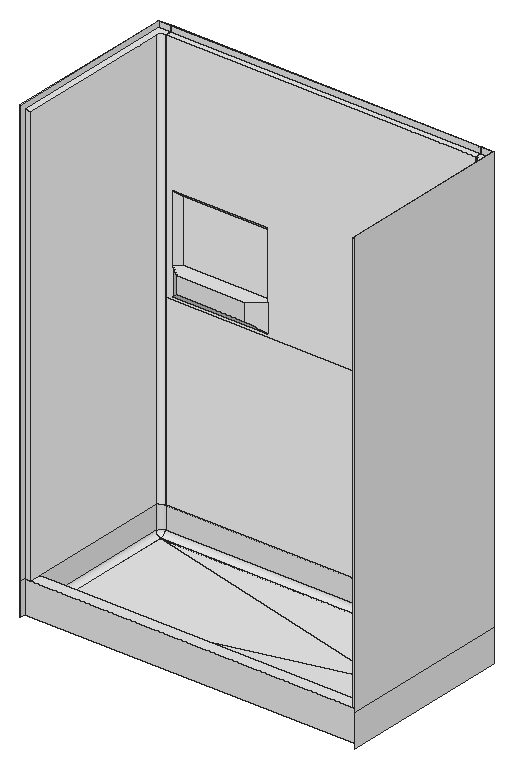
Revit family "5LDS6030", category Plumbing Fixtures, Revit 2014
Parameters (values of type "5LDS6030")
  Unit Width = 60"
  Unit Height = 82"
  URL = "http://www.best-bath.com/"
  Type Comments = "Remodeler"
  Model = "5LDS6030"
  Material [instance] = Best Bath Gelcoat Fiberglass - Diamond Tile
  Manufacturer = "Best Bath Systems, Inc."
  Keynote = "22 40 00.B3"
  Description = "Diamond Tile Finish"
  Assembly Code = "D2010710"
Reference planes (in)
  plane 1 "Back": y = -0.5
  plane 2: z = 0
  plane 3 "Left": x = 0
  plane 4: x = 60
  plane 5: y = -30.5
  plane 6: z = 81
  plane 7: z = 0.75
  plane 8: z = 82
  plane 9: x = 51.5
  plane 10: y = -1.75
  plane 11: y = -14.5
  plane 12: z = 0.375
  plane 13: z = 5.75
  plane 14: z = 39
  plane 15: y = -31.5
  plane 16: z = 44.5
Forms (in)
  Extrusion 1, solid, material "Best Bath Gelcoat Fiberglass - Smooth"
    sketch origin (0, 0, 0) x (1, 0, 0) y (0, 1, 0)
      loop
        line (0, -0.5) -> (0, -30.5) -> (60, -30.5) -> (60, -0.5) -> (0, -0.5)
      loop
        circle (51.5, -14.5) r 1.5
    from 0 to 0.75
  Extrusion 2, solid, material "Best Bath Gelcoat Fiberglass - Smooth"
    sketch origin (0, 0, 0) x (1, 0, 0) y (0, 1, 0)
      loop
        line (2.25, -0.5) -> (2.25, -1.75) -> (57.75, -1.75) -> (57.75, -0.5) -> (2.25, -0.5)
    from 5.75 to 39
  Extrusion 3, solid, material "Best Bath Gelcoat Fiberglass - Smooth"
    sketch origin (0, 0, 0) x (1, 0, 0) y (0, 1, 0)
      loop
        line (0, -30.5) -> (1.25, -30.5) -> (1.25, -2.75)
        arc (1.25, -2.75) -> (1.54289, -2.04289) -> (2.25, -1.75) r 1
        line (2.25, -1.75) -> (57.75, -1.75)
        arc (57.75, -1.75) -> (58.45711, -2.04289) -> (58.75, -2.75) r 1
        line (58.75, -2.75) -> (58.75, -30.5) -> (60, -30.5) -> (60, -0.5) -> (0, -0.5) -> (0, -30.5)
    from 0 to 5.75
  Extrusion 4, solid, material "Best Bath Gelcoat Fiberglass - Smooth"
    sketch origin (0, 0, 0) x (1, 0, 0) y (0, 1, 0)
      loop
        line (0, -30.5) -> (1.25, -30.5) -> (1.25, -2.75)
        arc (1.25, -2.75) -> (1.54289, -2.04289) -> (2.25, -1.75) r 1
        line (2.25, -1.75) -> (2.25, -0.5) -> (0, -0.5) -> (0, -30.5)
      loop
        line (58.75, -30.5) -> (60, -30.5) -> (60, -0.5) -> (57.75, -0.5) -> (57.75, -1.75)
        arc (57.75, -1.75) -> (58.45711, -2.04289) -> (58.75, -2.75) r 1
        line (58.75, -2.75) -> (58.75, -30.5)
    from 5.75 to 81
  Sweep 5, solid, material "Best Bath Gelcoat Fiberglass - Smooth"
    path origin (0, 0, 0) x (1, 0, 0) y (0, 1, 0)
      loop
        line (1.25, -30.5) -> (1.25, -2.75)
        arc (1.25, -2.75) -> (1.54289, -2.04289) -> (2.25, -1.75) r 1
        line (2.25, -1.75) -> (57.75, -1.75)
        arc (57.75, -1.75) -> (58.45711, -2.04289) -> (58.75, -2.75) r 1
        line (58.75, -2.75) -> (58.75, -30.5)
    profile origin (1.25, -16.625, 0) x (-1, 0, 0) y (0, 0, 1)
      loop
        line (0, 0.75) -> (0, 1.7)
        arc (0, 1.7) -> (-0.27825, 1.02825) -> (-0.95, 0.75) r 0.95
        line (-0.95, 0.75) -> (0, 0.75)
  Blend 6, void
    base sketch origin (0, 0, 0) x (1, 0, 0) y (0, 1, 0)
      loop
        line (2.25, -27.5) -> (57.75, -27.5) -> (57.75, -2.75) -> (2.25, -2.75) -> (2.25, -27.5)
    top sketch origin (0, 0, 0) x (1, 0, 0) y (0, 1, 0)
      loop
        circle (51.5, -14.5) r 0.07155
    from 0.75 to 0.375
  Extrusion 7, solid, material "Best Bath Gelcoat Fiberglass - Smooth"
    sketch origin (0, 0, 0) x (1, 0, 0) y (0, 1, 0)
      loop
        line (2.25, -0.5) -> (2.25, -1.75) -> (57.75, -1.75) -> (57.75, -0.5) -> (2.25, -0.5)
    from 39 to 81
  Sweep 8, solid, material "Best Bath Gelcoat Fiberglass - Smooth"
    path origin (0, 0, 0) x (1, 0, 0) y (0, 1, 0)
      loop
        line (1.25, -30.5) -> (58.75, -30.5)
    profile origin (30, -30.5, 0) x (0, 1, 0) y (0, 0, 1)
      loop
        line (0, 0) -> (3.15, 0) -> (2, 5.75) -> (0, 5.75) -> (0, 0)
  Extrusion 9, solid, material "Best Bath Gelcoat Fiberglass - Smooth"
    sketch origin (0, 0, 0) x (1, 0, 0) y (0, 1, 0)
      loop
        line (0, -30.5) -> (0, -31.5) -> (0.125, -31.5) -> (0.125, -30.5) -> (0, -30.5)
      loop
        line (60, -30.5) -> (59.875, -30.5) -> (59.875, -31.5) -> (60, -31.5) -> (60, -30.5)
    from 0 to 5.75
  Extrusion 10, solid, material "Best Bath Gelcoat Fiberglass - Smooth"
    sketch origin (0, 0, 0) x (1, 0, 0) y (0, 1, 0)
      loop
        line (2.25, -0.5) -> (2.25, -0.625) -> (57.75, -0.625) -> (57.75, -0.5) -> (2.25, -0.5)
    from 81 to 82
  Extrusion 11, solid, material "Best Bath Gelcoat Fiberglass - Smooth"
    sketch origin (0, 0, 0) x (1, 0, 0) y (0, 1, 0)
      loop
        line (0, -31.5) -> (0.125, -31.5) -> (0.125, -0.625) -> (2.25, -0.625) -> (2.25, -0.5) -> (0, -0.5) -> (0, -31.5)
      loop
        line (60, -31.5) -> (60, -0.5) -> (57.75, -0.5) -> (57.75, -0.625) -> (59.875, -0.625) -> (59.875, -31.5) -> (60, -31.5)
    from 5.75 to 82
  Blend 12, solid, material "Best Bath Gelcoat Fiberglass - Smooth"
    base sketch origin (0.5, -38, 0.5) x (1, 0, 0) y (0, 0, 1)
      loop
        line (56, 44) -> (39, 44) -> (39, 39) -> (56, 39) -> (56, 44)
    top sketch origin (0.5, -38, 0.5) x (1, 0, 0) y (0, 0, 1)
      loop
        line (41.375, 44) -> (41.375, 41) -> (53.625, 41) -> (53.625, 44) -> (41.375, 44)
    from -36.25 to -34.25
  Blend 13, solid, material "Best Bath Gelcoat Fiberglass - Smooth"
    base sketch origin (-35.5, -38, 0.5) x (1, 0, 0) y (0, 0, 1)
      loop
        line (56, 44) -> (39, 44) -> (39, 39) -> (56, 39) -> (56, 44)
    top sketch origin (-35.5, -38, 0.5) x (1, 0, 0) y (0, 0, 1)
      loop
        line (41.375, 44) -> (41.375, 41) -> (53.625, 41) -> (53.625, 44) -> (41.375, 44)
    from -36.25 to -34.25
  Blend 14, void
    base sketch origin (0.5, -38.5, 0.5) x (1, 0, 0) y (0, 0, 1)
      loop
        line (39, 44) -> (56, 44) -> (56, 56) -> (39, 56) -> (39, 44)
    top sketch origin (0.5, -38.5, 0.5) x (1, 0, 0) y (0, 0, 1)
      loop
        line (40, 44) -> (55, 44) -> (55, 55) -> (40, 55) -> (40, 44)
    from -36.75 to -37.75
  Blend 15, void
    base sketch origin (-35.5, -38.5, 0.5) x (1, 0, 0) y (0, 0, 1)
      loop
        line (39, 44) -> (56, 44) -> (56, 56) -> (39, 56) -> (39, 44)
    top sketch origin (-35.5, -38.5, 0.5) x (1, 0, 0) y (0, 0, 1)
      loop
        line (40, 44) -> (55, 44) -> (55, 55) -> (40, 55) -> (40, 44)
    from -36.75 to -37.75
Cuts and joins
  Blend 6 cuts Extrusion 1
  Blend 6 cuts Extrusion 3
  Blend 6 cuts Sweep 5
  joined: Extrusion 1, Extrusion 3, Sweep 5, Sweep 8, Extrusion 9
  Blend 14, Blend 15 cuts Extrusion 7
  Blend 14, Blend 15 cuts Extrusion 10
  Blend 14 cuts Blend 12
  joined: Extrusion 7, Extrusion 10, Blend 12, Blend 13
  joined: Extrusion 4, Extrusion 11
Dimensions and locks (in)
  "Unit Width": plane 3 "Left" to plane 4
  locked: plane 7 to level at 0.75
  locked: plane 8 to plane 6 at 1
  "Unit Height": plane 8 to level
  plane 3 "Left" to plane 9 to plane 4 = 51 1/2", 8 1/2"
  plane 1 "Back" to plane 11 = 14"
  plane 10 to plane 1 "Back" = 1 1/4"
  locked: plane 7 to plane 12 at 0.375
  locked: plane 14 to plane 13 at 33.25
  plane 13 to level = 5 3/4"
  locked: plane 5 to plane 15 at 1
  locked: plane 15 to plane 1 "Back" at 31
  locked: plane 16 to plane 14 at 5.5
  aligned and locked: level to plane 2
  aligned and locked: Extrusion 1 to plane 7
  aligned and locked: plane 5 to Extrusion 1 sketch curve
  aligned and locked: plane 4 to Extrusion 1 sketch curve
  aligned and locked: Extrusion 2 sketch curve to Extrusion 1
  aligned and locked: Extrusion 2 sketch curve to plane 10
  aligned and locked: plane 11 to Extrusion 1 sketch curve
  aligned and locked: plane 9 to Extrusion 1 sketch curve
  aligned and locked: plane 13 to Extrusion 3
  aligned and locked: Extrusion 2 to plane 13
  aligned and locked: Extrusion 4 to Extrusion 2
  aligned and locked: plane 6 to Extrusion 4
  aligned and locked: Sweep 5 sketch curve to plane 7
  aligned and locked: plane 11 to Blend 6 sketch curve
  aligned and locked: plane 9 to Blend 6 sketch curve
  aligned and locked: Blend 6 to plane 12
  aligned and locked: Extrusion 1 to Blend 6
  aligned and locked: plane 14 to Extrusion 2
  aligned and locked: Extrusion 7 to Extrusion 2
  aligned and locked: plane 6 to Extrusion 7
  aligned and locked: Extrusion 9 to Extrusion 2
  aligned and locked: plane 8 to Extrusion 10
  aligned and locked: Extrusion 10 to plane 6
  aligned and locked: Extrusion 11 to Extrusion 2
  aligned and locked: plane 8 to Extrusion 11
  aligned and locked: plane 16 to Blend 12
  aligned and locked: plane 16 to Blend 13
  aligned and locked: cut or joined group of Extrusion 7, Extrusion 10, Blend 12, Blend 13, Blend 14, Blend 15 to plane 16  (x2)
Automatic sketch dimensions
  Extrusion 1 sketch curve to plane 3 "Left" = 0"
  plane 1 "Back" to Extrusion 1 sketch curve = 0"
  plane 3 "Left" to Extrusion 2 sketch curve = 2 1/4"
  plane 4 to Extrusion 2 sketch curve = 2 1/4"
  Extrusion 3 sketch curve to plane 3 "Left" = 0"
  Extrusion 3 sketch curve to plane 5 = 0"  (x2)
  Extrusion 3 sketch curve to plane 10 = 0"
  plane 1 "Back" to Extrusion 3 sketch curve = 0"
  Extrusion 3 sketch curve to plane 4 = 0"
  plane 3 "Left" to Extrusion 3 sketch curve = 1 1/4"
  Extrusion 3 sketch curve to plane 10 = 1"
  plane 4 to Extrusion 3 sketch curve = 2 1/4"
  plane 4 to Extrusion 3 sketch curve = 1 1/4"
  Extrusion 4 sketch curve to plane 3 "Left" = 0"
  Extrusion 4 sketch curve to plane 5 = 0"  (x2)
  Extrusion 4 sketch curve to plane 10 = 0"  (x2)
  plane 1 "Back" to Extrusion 4 sketch curve = 0"  (x2)
  Extrusion 4 sketch curve to plane 4 = 0"
  plane 3 "Left" to Extrusion 4 sketch curve = 1 1/4"
  Extrusion 4 sketch curve to plane 10 = 1"  (x2)
  Extrusion 4 sketch curve to Extrusion 4 sketch curve = 2 1/4"
  Sweep 5 sketch curve to profile plane = 0"
  Sweep 5 sketch curve to Sweep 5 sketch curve = 0.95"
  plane 3 "Left" to Blend 6 sketch curve = 2 1/4"
  plane 4 to Blend 6 sketch curve = 2 1/4"
  plane 5 to Blend 6 sketch curve = 3"
  Blend 6 sketch curve to plane 10 = 1"
  plane 1 "Back" to Extrusion 7 sketch curve = 0"
  Extrusion 7 sketch curve to plane 10 = 0"
  plane 3 "Left" to Extrusion 7 sketch curve = 2 1/4"
  plane 4 to Extrusion 7 sketch curve = 2 1/4"
  Sweep 8 sketch curve to plane 5 = 0"
  plane 3 "Left" to Sweep 8 sketch curve = 1 1/4"
  plane 4 to Sweep 8 sketch curve = 1 1/4"
  Sweep 8 sketch curve to profile plane = 0"
  Sweep 8 sketch curve to level = 0"
  Sweep 8 sketch curve to profile plane = 2"
  Sweep 8 sketch curve to profile plane = 3.15"
  level to Sweep 8 sketch curve = 5 3/4"
  Extrusion 9 sketch curve to plane 3 "Left" = 0"
  Extrusion 9 sketch curve to plane 15 = 0"  (x2)
  Extrusion 9 sketch curve to plane 5 = 0"  (x2)
  Extrusion 9 sketch curve to plane 4 = 0"
  plane 3 "Left" to Extrusion 9 sketch curve = 1/8"
  Extrusion 9 sketch curve to Extrusion 9 sketch curve = 1/8"
  plane 1 "Back" to Extrusion 10 sketch curve = 0"
  plane 1 "Back" to Extrusion 10 sketch curve = 1/8"
  plane 3 "Left" to Extrusion 10 sketch curve = 2 1/4"
  plane 4 to Extrusion 10 sketch curve = 2 1/4"
  Extrusion 11 sketch curve to plane 3 "Left" = 0"
  Extrusion 11 sketch curve to plane 15 = 0"  (x2)
  plane 1 "Back" to Extrusion 11 sketch curve = 0"  (x2)
  Extrusion 11 sketch curve to plane 4 = 0"
  plane 3 "Left" to Extrusion 11 sketch curve = 1/8"
  plane 1 "Back" to Extrusion 11 sketch curve = 1/8"  (x2)
  Extrusion 11 sketch curve to Extrusion 11 sketch curve = 2 1/8"
  Extrusion 11 sketch curve to Extrusion 11 sketch curve = 2 1/4"
  Extrusion 11 sketch curve to Extrusion 11 sketch curve = 1/8"
  Blend 12 sketch curve to plane 16 = 0"  (x2)
  plane 9 to Blend 12 sketch curve = 12"
  plane 14 to Blend 12 sketch curve = 1/2"
  plane 4 to Blend 12 sketch curve = 3 1/2"
  plane 14 to Blend 12 sketch curve = 2 1/2"
  plane 9 to Blend 12 sketch curve = 9 5/8"
  Blend 12 sketch curve to plane 9 = 2 5/8"
  Blend 13 sketch curve to plane 16 = 0"  (x2)
  plane 3 "Left" to Blend 13 sketch curve = 3 1/2"
  plane 14 to Blend 13 sketch curve = 1/2"
  Blend 13 sketch curve to Blend 13 sketch curve = 17"
  plane 14 to Blend 13 sketch curve = 2 1/2"
  plane 3 "Left" to Blend 13 sketch curve = 5 7/8"
  Blend 13 sketch curve to Blend 13 sketch curve = 12 1/4"
  Blend 14 sketch curve to plane 16 = 0"  (x2)
  plane 9 to Blend 14 sketch curve = 12"
  plane 4 to Blend 14 sketch curve = 3 1/2"
  Blend 14 sketch curve to Blend 14 sketch curve = 12"
  plane 9 to Blend 14 sketch curve = 11"
  Blend 14 sketch curve to plane 9 = 4"
  Blend 14 sketch curve to Blend 14 sketch curve = 11"
  plane 3 "Left" to Blend 15 sketch curve = 3 1/2"
  Blend 15 sketch curve to Blend 15 sketch curve = 17"
  plane 16 to Blend 15 sketch curve = 0"  (x2)
  Blend 15 sketch curve to Blend 15 sketch curve = 12"
  plane 3 "Left" to Blend 15 sketch curve = 4 1/2"
  Blend 15 sketch curve to Blend 15 sketch curve = 15"
  Blend 15 sketch curve to Blend 15 sketch curve = 11"
  Sweep 5 sketch curve to plane 5 = 0"  (x2)
  Sweep 5 sketch curve to plane 10 = 0"
  plane 3 "Left" to Sweep 5 sketch curve = 1 1/4"
  Sweep 5 sketch curve to Sweep 5 sketch curve = 1"
  Sweep 5 sketch curve to plane 10 = 1"
  plane 4 to Sweep 5 sketch curve = 2 1/4"
  radius of Extrusion 1 sketch curve = 1 1/2"
  radius of Blend 6 sketch curve = 0.07155"
